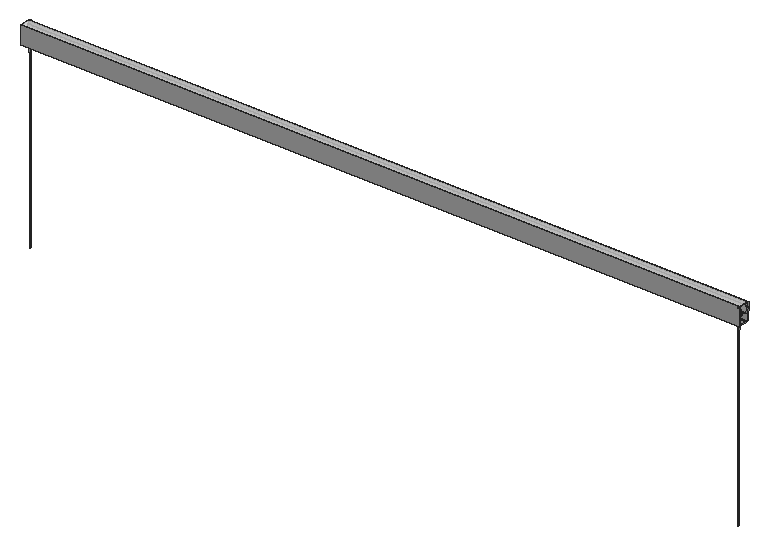
Revit family "2093119 Sylvania Lighting Fixture MC2 3-6M 4K DALI WHT OPAL", category Lighting Fixtures, host Face, Revit 2016
Family settings
  Host = Face
  Part Type = Normal
  Round Connector Dimension = Use Diameter
  OmniClass Number = 23.80.70.11.17
  OmniClass Title = Specialized Lighting by Location or Use
  Cut with Voids When Loaded = No
  Light Source = Yes
  Shared = No
  Room Calculation Point = No
Parameters (values of type "2093119 MC2 3.6M 4K DALI WHT OPAL")
  Width_SYL = 54.0 mm
  Weight = "7.5 kg"
  Wattage = 63 W
  WarrantyStartDate [instance] = "n/a"
  WarrantyGuarantorParts = "n/a"
  WarrantyDurationUnit = "n/a"
  WarrantyDurationParts = "n/a"
  WarrantyDescription = "n/a"
  built-in parameter 1150110 = 1 (stored number, unit not read)
  Voltage = 0 V
  URL = "http://www.sylvania-lighting.com"
  TypeName = "MC2 3.6M 4K DALI WHT OPAL"
  built-in parameter 1114217 = 1 (stored number, unit not read)
  Tilt Angle = -90.00°
  built-in parameter 1150109 = 1 (stored number, unit not read)
  built-in parameter 1150134 = 12
  built-in parameter 1150113 = 1 (stored number, unit not read)
  SerialNumber [instance] = "n/a"
  PowerFactor = 0.98
  PowerConsumption = "63 W"
  NominalWidth = 0.0 mm
  NominalLength = 3600.0 mm
  NominalHeight = 86.0 mm
  Name = "MC2 3.6M 4K DALI WHT OPAL"
  ModelReference = "MC2 3.6M 4K DALI WHT OPAL"
  ModelNumber = "2093119"
  Material_3_SYL = Metal_Sylvania_Mini Contiuum II_Silver
  Photometric Web File = "2093119.ies"
  Material_4_SYL = Metal_Sylvania_Mini Contiuum II_Silver
  MountingHeight_SYL [instance] = 1000.0 mm
  Material = "aluminium housing, polycarbonate diffuser"
  ManufacturerName = "Feilo Sylvania"
  LuminousEfficacy = "111 lm/W"
  LuminaireType = ""
  LightOutputRatio = "100"
  Length_SYL = 3600.0 mm
  LampsType = Lamp  # "LED"
  LampNominalLuminous = "7020 lm"
  LampMacAdamStep = "3"
  LampColourTemperature = "4000 K"
  LampColourRenderingIndex = "80"
  Keynote = "16500"
  InstallationDate [instance] = "n/a"
  InputVoltage = "n/a"
  InputNominalFrequency = "n/a"
  IngressProtection = "IP20"
  ImpactProtectionIndex = "n/a"
  IfcExportType = "IfcLightFixtureType"
  IfcExportAs = "IfcLightFixtureType"
  Height_SYL = 86.0 mm
  ExpectedLife = 50000
  EndCapRight_SYL [instance] = no
  EndCapLeft_SYL [instance] = no
  Emit from Rectangle Width = Width_SYL - 2.0 mm  # 52.0 mm
  Emit from Rectangle Length = Length_SYL  # 3600.0 mm
  Emit Shape Visible in Rendering = no
  ElectricShockClassification = "Class I"
  DurationUnit = "hours"
  DocumentationLiterature = "http://www.sylvania-lighting.com/product/en-int/products/2093119"
  DimmingControlOptions = "n/a"
  CreatedOn = "10/15/2018"
  CreatedBy = "@sylvania-lighting.com"
  built-in parameter 1114216 [instance] = 1 (stored number, unit not read)
  Model = "MC2 3.6M 4K DALI WHT OPAL"
  Manufacturer = "Feilo Sylvania"
  built-in parameter 1150105 = 556.49 (stored number, unit not read)
  Lumens = 6993 lm
  built-in parameter 1150115 = 1 (stored number, unit not read)
  built-in parameter 1150137 = (empty or 0)
  built-in parameter 1150139 = (empty or 0)
  built-in parameter 1150112 = 1 (stored number, unit not read)
  built-in parameter 1150114 = 1 (stored number, unit not read)
  Lamp = "LED"
  built-in parameter 1150132 = 2
  built-in parameter 1150102 = (empty or 0)
  built-in parameter 1150107 = 4000 (stored number, unit not read)
  built-in parameter 1150138 = (empty or 0)
  built-in parameter 1150106 = 5.5649 (stored number, unit not read)
  Material_1_SYL = Metal_Sylvania_Mini Continuum II_White
  built-in parameter 1150104 = 10.312 (stored number, unit not read)
  Dimming Lamp Color Temperature Shift = <None>
  Material_2_SYL = Polycarbonate_Sylvania_Mini Continuum II_Opal_4000K
  Description = "2093119   MC2 3.6M 4K DALI WHT OPAL  Continuous lines of LED light, white RAL 9016, direct distribution, trimless detail for a seamless finish, suitable for recessed, semi-recessed, surface-mounted or suspended installation either horizontally or vertically, various accessories available, compact and minimalist design based on the Golden Mean, ideal for offices, meeting rooms, corridors, education facilities, museums and libraries, extruded aluminium body, diffuser: opal, colour temperature: 4000K neutral white, total system power: 63W, total fixture output: 6621lm, luminaire efficacy: 105lm/W, LOR: 100%, colour rendering: Ra >80, LED Chromacity: 1 step MacAdam ellipse, lifetime: 60,000 hours at 90% of the original output (L90), energy class: A++, A+, A, IR/UV free light source without heat radiation, operating voltage: 220-240V / 50-60Hz, drive current: 800mA, electronic driver, DALI dimmable, electrical protection: CLASS I, IP20, suitable for internal environment only."
  Default Elevation = 0.0 mm
  Color Filter = 16777215
  built-in parameter 1140040 [instance] = 1
  BarCode [instance] = "n/a"
  built-in parameter 1114218 = 1 (stored number, unit not read)
  built-in parameter 1150133 = 10 (stored number, unit not read)
  AssetType = "Fixed"
  AssetIdentifier [instance] = "n/a"
  Assembly Code = "D5020200"
  Apparent Load = 63 VA
Reference planes
  plane 1 "Center (Front/Back)": y = 0
  plane 2 "Bottom Fixtures": z = 0
  plane 3 "Center (Left/Right)": x = 0
  plane 4 "Fixture Left": x = -1800
  plane 5 "Fixture Right": x = 1800
  plane 6 "Fixture Bottom": z = 1000
  plane 7: z = 998
  plane 8: z = 996
  plane 9: z = 986.951
  plane 10: z = 956.951
  plane 11 "Fixture Top": z = 914
  plane 12 "Mounting Right": x = 1772
  plane 13 "Mounting Left": x = -1772
  plane 14: z = 879
  plane 15: y = 27
  plane 16: y = -27
  plane 17: y = -26
  plane 18: y = -25
  plane 19: y = 26
  plane 20: y = 25
  plane 21: y = 11
  plane 22: y = -11
  plane 23: y = 24
  plane 24: y = 22
  plane 25: y = -22
  plane 26: y = 15
  plane 27: y = -15
  plane 28 "Upper Diffuser Left": x = -1650
  plane 29 "Upper Diffuser Right": x = 1650
  plane 30: x = -1802
  plane 31: x = 1802
Forms (mm)
  Extrusion 1, solid, material "Metal_Sylvania_Mini Continuum II_White" <- "Material_1_SYL", detail levels fine
    sketch origin (0, 0, 520) x (0, 1, 0) y (0, 0, 1)
      loop
        line (27, 480) -> (26, 480) -> (26, 478) -> (25, 478) -> (25, 396) -> (13, 396) -> (13, 398) -> (-13, 398) -> (-13, 396) -> (-25, 396) -> (-25, 478) -> (-26, 478) -> (-26, 480) -> (-27, 480) -> (-27, 394) -> (-11, 394) -> (-11, 396) -> (11, 396) -> (11, 394) -> (27, 394) -> (27, 480)
    from -1800 to 1800
  Extrusion 2, solid, material "Polycarbonate_Sylvania_Mini Continuum II_Opal_4000K" <- "Material_2_SYL", detail levels fine
    sketch origin (0, 0, 520) x (0, 1, 0) y (0, 0, 1)
      loop
        line (-26, 480) -> (-26, 478) -> (26, 478) -> (26, 480) -> (-26, 480)
    from -1800 to 1800
  Extrusion 3, solid, material "Metal_Sylvania_Mini Contiuum II_Silver" <- "Material_3_SYL", detail levels fine
    sketch origin (0, 0, 520) x (0, 1, 0) y (0, 0, 1)
      loop
        line (22, 466.951) -> (20.973, 466.951) -> (14.206, 437.951) -> (11, 437.951) -> (11, 436.951) -> (15, 436.951) -> (22, 466.951)
      loop
        line (-15, 436.951) -> (-11, 436.951) -> (-11, 437.951) -> (-14.206, 437.951) -> (-20.973, 466.951) -> (-22, 466.951) -> (-15, 436.951)
    from -1800 to 1800
  Extrusion 4, solid, material "Metal_Sylvania_Mini Continuum II_White" <- "Material_1_SYL", detail levels coarse+medium
    sketch origin (0, 0, 520) x (0, 1, 0) y (0, 0, 1)
      loop
        line (-27, 480) -> (-27, 394) -> (27, 394) -> (27, 480) -> (-27, 480)
    from -1800 to 1800
  Extrusion 5, solid, material "Metal_Sylvania_Mini Contiuum II_Silver" <- "Material_4_SYL", detail levels fine
    sketch origin (0, 0, -86) x (-1, 0, 0) y (0, -1, 0)
      loop
        circle (1772, 0) r 4
      loop
        circle (-1772, 0) r 4
    from 965 to 1002
  Extrusion 6, solid, material "Metal_Sylvania_Mini Contiuum II_Silver" <- "Material_4_SYL", detail levels fine
    sketch origin (0, 0, -86) x (-1, 0, 0) y (0, -1, 0)
      loop
        circle (-1772, 0) r 1
      loop
        circle (1772, 0) r 1
    from 86 to 965
  Extrusion 7, solid, material "Metal_Sylvania_Mini Continuum II_White" <- "Material_1_SYL", visible <- "EndCapLeft_SYL"
    sketch origin (-1800, 171.684, 1219.2) x (0, 1, 0) y (0, 0, 1)
      loop
        line (-198.684, -305.2) -> (-144.684, -305.2) -> (-144.684, -219.2) -> (-198.684, -219.2) -> (-198.684, -305.2)
    from 0 to -2
  Extrusion 8, solid, material "Metal_Sylvania_Mini Continuum II_White" <- "Material_1_SYL", visible <- "EndCapRight_SYL"
    sketch origin (1800, 171.684, 1219.2) x (0, 1, 0) y (0, 0, -1)
      loop
        line (-144.684, 219.2) -> (-144.684, 305.2) -> (-198.684, 305.2) -> (-198.684, 219.2) -> (-144.684, 219.2)
    from 0 to -2
Lines and regions (mm)
  Masking region 1
    outline origin (0, 0, -86) x (-1, 0, 0) y (0, -1, 0)
      loop
        line (1800, -27) -> (1800, 27) -> (-1800, 27) -> (-1800, -27) -> (1800, -27)
  symbolic lines, detail levels fine
    curve 1: line (-1800, 26, -86) -> (1800, 26, -86)
    curve 2: line (-1800, -26, -86) -> (1800, -26, -86)
  model lines, detail levels coarse+medium
    curve 3: line (-1772, 0, 914) -> (-1772, 0, 0)
    curve 4: line (1772, 0, 914) -> (1772, 0, 0)
Dimensions and locks
  host sketch curve to plane 3 "Center (Left/Right)" to host sketch curve = 820.0 mm, 775.047 mm
  equal spacing: plane 4 "Fixture Left", plane 3 "Center (Left/Right)", plane 5 "Fixture Right"
  "Length_SYL": plane 4 "Fixture Left" to plane 5 "Fixture Right"
  plane 6 "Fixture Bottom" to plane 7 to plane 8 to plane 9 to plane 10 = 2.0 mm locked, 2.0 mm locked, 9.049 mm locked, 30.0 mm locked
  locked: Extrusion 1 sketch curve to Extrusion 1 sketch curve at 2
  locked: Extrusion 1 sketch curve to plane 11 "Fixture Top" at 2
  "Height_SYL": plane 6 "Fixture Bottom" to plane 11 "Fixture Top"
  locked: plane 12 "Mounting Right" to plane 5 "Fixture Right" at 28
  locked: plane 4 "Fixture Left" to plane 13 "Mounting Left" at 28
  locked: plane 11 "Fixture Top" to plane 14 at 35
  "MountingHeight_SYL": plane 6 "Fixture Bottom" to plane 2 "Bottom Fixtures"
  equal spacing: plane 15, plane 1 "Center (Front/Back)", plane 16
  "Width_SYL": plane 15 to plane 16
  plane 22 to plane 27 to plane 25 to plane 18 to plane 17 to plane 16 = 4.0 mm locked, 7.0 mm locked, 3.0 mm locked, 1.0 mm locked, 1.0 mm locked
  plane 15 to plane 19 to plane 20 to plane 23 to plane 24 to plane 26 to plane 21 = 1.0 mm locked, 1.0 mm locked, 1.0 mm locked, 2.0 mm locked, 7.0 mm locked, 4.0 mm locked
  locked: plane 4 "Fixture Left" to plane 28 "Upper Diffuser Left" at 150
  locked: plane 29 "Upper Diffuser Right" to plane 5 "Fixture Right" at 150
  equal spacing: plane 30, plane 3 "Center (Left/Right)", plane 31
  locked: plane 30 to plane 4 "Fixture Left" at 2
  aligned and locked: plane 2 "Bottom Fixtures" to host face
  aligned and locked: level to host face
  aligned and locked: plane 5 "Fixture Right" to curve 1
  aligned and locked: plane 4 "Fixture Left" to curve 1
  aligned and locked: plane 4 "Fixture Left" to curve 2
  aligned and locked: plane 5 "Fixture Right" to curve 2
  aligned and locked: Extrusion 1 sketch curve to plane 7
  aligned and locked: plane 6 "Fixture Bottom" to Extrusion 1 sketch curve  (x2)
  aligned and locked: plane 7 to Extrusion 1 sketch curve
  aligned and locked: Extrusion 1 to Extrusion 2 sketch curve
  aligned and locked: Extrusion 2 sketch curve to Extrusion 1  (x3)
  aligned and locked: Extrusion 3 sketch curve to plane 10
  aligned and locked: plane 9 to Extrusion 3 sketch curve
  aligned and locked: Extrusion 3 sketch curve to plane 9
  aligned and locked: Extrusion 4 sketch curve to plane 6 "Fixture Bottom"
  aligned and locked: Extrusion 4 to plane 4 "Fixture Left"
  aligned and locked: Extrusion 2 to plane 4 "Fixture Left"
  aligned and locked: Extrusion 3 to plane 4 "Fixture Left"
  aligned and locked: Extrusion 1 to plane 4 "Fixture Left"
  aligned and locked: Extrusion 4 to plane 5 "Fixture Right"
  aligned and locked: Extrusion 2 to plane 5 "Fixture Right"
  aligned and locked: Extrusion 3 to plane 5 "Fixture Right"
  aligned and locked: Extrusion 1 to plane 5 "Fixture Right"
  aligned and locked: plane 11 "Fixture Top" to Extrusion 4 sketch curve
  aligned and locked: Extrusion 1 sketch curve to plane 11 "Fixture Top"  (x2)
  aligned and locked: Extrusion 1 sketch curve to Extrusion 1 sketch curve
  aligned and locked: plane 6 "Fixture Bottom" to imposter light
  aligned and locked: plane 11 "Fixture Top" to curve 3
  aligned and locked: plane 2 "Bottom Fixtures" to curve 3
  aligned and locked: curve 4 to plane 11 "Fixture Top"
  aligned and locked: curve 4 to plane 2 "Bottom Fixtures"
  aligned and locked: curve 4 to plane 12 "Mounting Right"
  aligned and locked: curve 3 to plane 13 "Mounting Left"
  aligned and locked: Extrusion 5 to Extrusion 1
  aligned and locked: Extrusion 5 to plane 14
  aligned and locked: plane 14 to Extrusion 6
  aligned and locked: Extrusion 6 to level
  aligned and locked: plane 21 to Extrusion 3 sketch curve
  aligned and locked: Extrusion 3 sketch curve to plane 22
  aligned and locked: Extrusion 7 sketch curve to Extrusion 4  (x4)
  aligned and locked: Extrusion 7 to plane 30
  aligned and locked: plane 4 "Fixture Left" to Extrusion 7
  aligned and locked: Extrusion 8 sketch curve to Extrusion 4  (x4)
  aligned and locked: plane 31 to Extrusion 8
  aligned and locked: plane 5 "Fixture Right" to Extrusion 8
Automatic sketch dimensions
  host sketch curve to host sketch curve = 1047.463 mm
  plane 19 to curve 1 = 0.0 mm
  curve 2 to plane 17 = 0.0 mm
  Masking region 1 sketch curve to plane 5 "Fixture Right" = 0.0 mm
  Masking region 1 sketch curve to plane 4 "Fixture Left" = 0.0 mm
  plane 15 to Masking region 1 sketch curve = 0.0 mm
  Masking region 1 sketch curve to plane 16 = 0.0 mm
  Extrusion 1 sketch curve to plane 16 = 0.0 mm
  Extrusion 1 sketch curve to plane 17 = 0.0 mm
  Extrusion 1 sketch curve to plane 18 = 0.0 mm
  Extrusion 1 sketch curve to plane 22 = 0.0 mm
  Extrusion 1 sketch curve to plane 21 = 0.0 mm
  Extrusion 1 sketch curve to plane 20 = 0.0 mm
  Extrusion 1 sketch curve to plane 19 = 0.0 mm
  Extrusion 1 sketch curve to plane 15 = 0.0 mm
  plane 11 "Fixture Top" to Extrusion 1 sketch curve = 2.0 mm
  Extrusion 1 sketch curve to plane 22 = 2.0 mm
  Extrusion 1 sketch curve to plane 21 = 2.0 mm
  Extrusion 3 sketch curve to plane 25 = 0.0 mm
  Extrusion 3 sketch curve to plane 27 = 0.0 mm
  Extrusion 3 sketch curve to plane 26 = 0.0 mm
  Extrusion 3 sketch curve to plane 24 = 0.0 mm
  plane 10 to Extrusion 3 sketch curve = 1.0 mm
  Extrusion 3 sketch curve to Extrusion 3 sketch curve = 1.027 mm
  plane 27 to Extrusion 3 sketch curve = 0.794 mm
  plane 26 to Extrusion 3 sketch curve = 0.794 mm
  plane 24 to Extrusion 3 sketch curve = 1.027 mm
  Extrusion 4 sketch curve to plane 16 = 0.0 mm
  Extrusion 4 sketch curve to plane 15 = 0.0 mm
  plane 1 "Center (Front/Back)" to Extrusion 5 sketch curve = 0.0 mm  (x2)
  Extrusion 5 sketch curve to plane 12 "Mounting Right" = 0.0 mm
  Extrusion 5 sketch curve to plane 13 "Mounting Left" = 0.0 mm
  plane 1 "Center (Front/Back)" to Extrusion 6 sketch curve = 0.0 mm  (x2)
  Extrusion 6 sketch curve to plane 12 "Mounting Right" = 0.0 mm
  Extrusion 6 sketch curve to plane 13 "Mounting Left" = 0.0 mm
  Extrusion 3 sketch curve to Extrusion 3 sketch curve = 0.0 mm
  Extrusion 3 sketch curve to plane 10 = 0.0 mm
  radius of Extrusion 5 sketch curve = 4.0 mm  (x2)
  radius of Extrusion 6 sketch curve = 1.0 mm  (x2)
Connectors
  electrical at (1800, 0, 949), driven by "Apparent Load"
    settings: on Extrusion 1, index 1, voltage 230 V, apparent load 0 VA, apparent load phase1 63 VA, apparent load phase2 0 VA, apparent load phase3 0 VA, power factor 1, load classification "Lighting", number of poles 1, system type 31, power factor state 1, is connector primary yes, connector utility no, sub classification motor no, connector description ""
